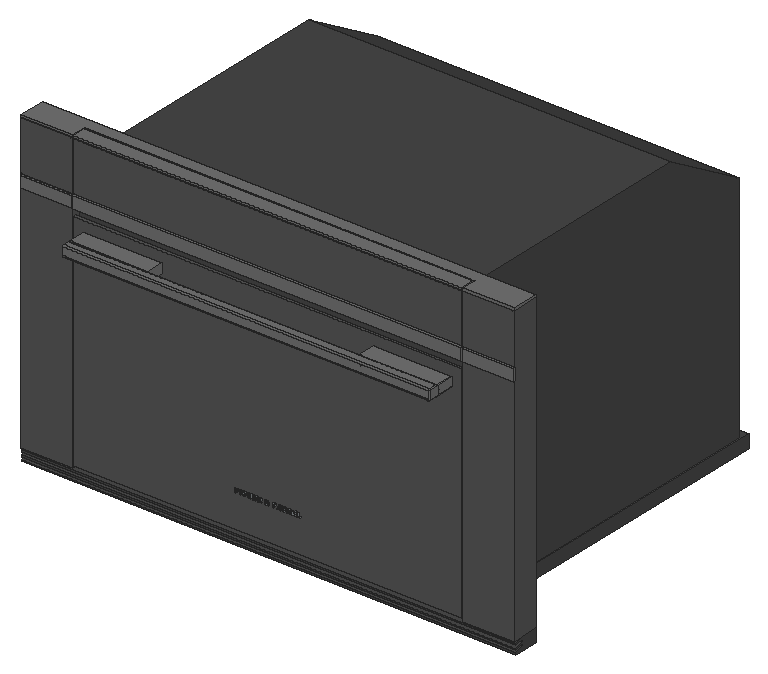
Revit family "FP_Revit_18_OS24NDBB1_w_TK30NDBB1_Steam_Oven_w_30in_Trimkit_90000816A", category Specialty Equipment, Revit 2018
Family settings
  Round Connector Dimension = Use Diameter
  Part Type = Normal
  OmniClass Number = 23.40.40.14.17.31
  OmniClass Title = Small Specialized Cooking Equipment
  Work Plane-Based = No
  Always vertical = Yes
  Cut with Voids When Loaded = Yes
  Shared = No
  Room Calculation Point = No
Parameters (values of type "OS24NDBB1 + TK30NDBB1")
  Visibility - Clearance Required = yes
  URL = "www.fisherpaykel.com"
  Product - Width = 757 mm  # constant formula
  Product - Height = 478 mm  # constant formula
  Product - Depth = 614 mm  # constant formula
  Model = "OS24NDBB1 + TK30NDBB1"
  Material - Trim = Fisher & Paykel - Aluminium, Dark
  Material - Structure = Fisher & Paykel - Black
  Material - Handle = Fisher & Paykel - Aluminium, Dark
  Material - Glass = Fisher & Paykel - Glass, Black
  Material - Body = Fisher & Paykel - Black
  Manufacturer = "Fisher & Paykel Appliances"
  FFL Offset [instance] = 900 mm
  Description = "24\" Steam Oven + 30\" Trimkit"
  Connector Description - Electrical = "208 V or 240 V, 60 Hz, 10.8 or 12.5 A"
  Chassis - Width = 560 mm  # constant formula
  Chassis - Height = 446 mm  # constant formula
  Chassis - Depth = 540 mm  # constant formula
  Cavity - Width = 560 mm  # constant formula
  Cavity - Height = 480 mm  # constant formula
  Cavity - Depth = 560 mm  # constant formula
Reference planes
  plane 1 "Center (Front/Back)": y = 0
  plane 2: z = 0
  plane 3 "Center (Left/Right)": x = 0
  plane 4: z = 1380
  plane 5: z = 1378
  plane 6 "Product LHS": x = -378.5
  plane 7 "Product RHS": x = 378.5
  plane 8 "Product - Depth": y = 0
  plane 9 "Cavity LHS": x = -380
  plane 10 "Cavity RHS": x = 380
  plane 11 "Cavity - Depth": y = 560
  plane 12 "Front Face": y = -41.5
  plane 13 "Chassis - Height": z = 0
  plane 14 "Product Depth": y = 540
  plane 15 "FFL Offset": z = 900
Forms (mm)
  Extrusion 1, void
    sketch origin (0, 0, 0) x (0, 1, 0) y (0, 0, 1)
      loop
        line (-41.5, 1380) -> (-41.5, 900) -> (0, 900) -> (0, 1380) -> (-41.5, 1380)
    from -380 to 380
  Extrusion 2, void
    sketch origin (0, 0, 0) x (0, 1, 0) y (0, 0, 1)
      loop
        line (560, 1370) -> (0, 1370) -> (0, 900) -> (560, 900) -> (560, 1370)
    from -280 to 280
Text (mm)
  text "Due to ongoing product development, product details are subject to change without notice. \nPlease always refer to www.fisherpaykel.com for the most current product information. \n© Fisher & Paykel 2020" at (41.04, -413.295, 0), in view "Ref. Level (Plan)"
Dimensions and locks
  equal spacing: plane 6 "Product LHS", plane 3 "Center (Left/Right)", plane 7 "Product RHS"
  "Product - Width": plane 6 "Product LHS" to plane 7 "Product RHS"
  equal spacing: plane 9 "Cavity LHS", plane 3 "Center (Left/Right)", plane 10 "Cavity RHS"
  locked: plane 9 "Cavity LHS" to plane 10 "Cavity RHS" at 760
  plane 12 "Front Face" to plane 1 "Center (Front/Back)" = 41.5 mm
  "Chassis - Depth": plane 1 "Center (Front/Back)" to plane 14 "Product Depth"
  "FFL Offset": plane 15 "FFL Offset" to level
  "Cavity - Depth": plane 1 "Center (Front/Back)" to plane 11 "Cavity - Depth"
  "Product - Height": plane 5 to plane 15 "FFL Offset"
  "Cavity - Height": plane 4 to plane 15 "FFL Offset"
  "Cavity - Width": Extrusion 2 to Extrusion 2
  aligned and locked: level to plane 2
  aligned and locked: plane 15 "FFL Offset" to nested 2
  aligned and locked: nested 2 to plane 8 "Product - Depth"
  aligned and locked: plane 12 "Front Face" to nested 2
  aligned and locked: plane 12 "Front Face" to Extrusion 1 sketch curve
  aligned and locked: Extrusion 1 sketch curve to plane 8 "Product - Depth"
  aligned and locked: plane 15 "FFL Offset" to Extrusion 1 sketch curve
  aligned and locked: Extrusion 1 sketch curve to plane 4
  aligned and locked: Extrusion 1 to plane 10 "Cavity RHS"
  aligned and locked: plane 9 "Cavity LHS" to Extrusion 1
  aligned and locked: Extrusion 2 sketch curve to plane 8 "Product - Depth"
  aligned and locked: Extrusion 2 sketch curve to plane 15 "FFL Offset"
  aligned and locked: plane 11 "Cavity - Depth" to Extrusion 2 sketch curve
  aligned and locked: Extrusion 2 sketch curve to nested 2
Nested families
  nested 1: "FP_Revit_18_OS24NDBB1_Steam_Oven_90000816A" at (0, -19.5, 20), FFL Offset <- "FFL Offset", type "OS24NDBB1"
    with FFL Offset 900 mm
  nested 2: "FP_Revit_18_TK30ND_Trimkits_90001187A" at (0, 0, 0), FFL Offset <- "FFL Offset", type "TK30NDBB1"
    with FFL Offset 900 mm
Connectors
  electrical at (-193.854, 529.119, 959.454), driven by "Connector Description - Electrical"
    settings: on nested 1, index 1, voltage 120 V, apparent load 0 VA, apparent load phase1 0 VA, apparent load phase2 0 VA, apparent load phase3 0 VA, power factor 1, load classification "Other", number of poles 1, system type 30, power factor state 1, is connector primary yes, connector utility no, sub classification motor no, connector description "208 V or 240 V, 60 Hz, 10.8 or 12.5 A"
Definition of nested family "FP_Revit_18_OS24NDBB1_Steam_Oven_90000816A"
  Parameters (values of type "OM24NDBB1")
    Visibility - Clearance Required = yes
    URL = "www.fisherpaykel.com"
    Product - Width = 596 mm  # constant formula
    Product - Height = 458 mm  # constant formula
    Product - Depth = 562 mm  # constant formula
    Model = "OM24NDBB1"
    Material - Trim = none
    Material - Structure = none
    Material - Handle = none
    Material - Glass = none
    Material - Body = none
    Manufacturer = "Fisher & Paykel Appliances"
    FFL Offset [instance] = 900 mm
    Description = "24\" Microwave Oven"
    Connector Description - Electrical = "120/240 V or 12/208 V, 60 Hz, 13 or 14 A"
    Chassis - Width = 556 mm  # constant formula
    Chassis - Height = 446 mm  # constant formula
    Chassis - Depth = 540 mm  # constant formula
    Cavity - Width = 600 mm  # constant formula
    Cavity - Height = 460 mm  # constant formula
    Cavity - Depth = 560 mm  # constant formula
  Types (4, lengths in mm): name | Model | Description | Connector Description - Electrical
    OS24NDB1 | "OS24NDB1" | "24\" Steam Oven" | "208 V or 240 V, 60 Hz, 10.8 or 12.5 A"
    OM24NDB1 | "OM24NDB1" | "24\" Microwave Oven" | "120/240 V or 12/208 V, 60 Hz, 13 or 14 A"
    OM24NDBB1 | "OM24NDBB1" | "24\" Microwave Oven" | "120/240 V or 12/208 V, 60 Hz, 13 or 14 A"
    OS24NDBB1 | "OS24NDBB1" | "24\" Steam Oven" | "208 V or 240 V, 60 Hz, 10.8 or 12.5 A"
  Reference planes
    plane 1 "Center (Front/Back)": y = 0
    plane 2: z = 0
    plane 3 "Center (Left/Right)": x = 0
    plane 4: z = 1360
    plane 5: z = 1358
    plane 6 "Product LHS": x = -298
    plane 7 "Product RHS": x = 298
    plane 8 "Product - Depth": y = 0
    plane 9 "Cavity LHS": x = -300
    plane 10 "Cavity RHS": x = 300
    plane 11 "Cavity - Depth": y = 560
    plane 12 "Front Face": y = -22
    plane 13 "Chassis - Height": z = 0
    plane 14 "Product Depth": y = 540
    plane 15 "FFL Offset": z = 900
  Forms (mm)
    Extrusion 1, solid, material <- "Material - Body"
      sketch origin (0, 0, 0) x (0, 1, 0) y (0, 0, 1)
        loop
          line (0, 1346) -> (0, 907.28) -> (5.16, 907.28) -> (5.16, 900) -> (534.187, 900) -> (534.187, 1257.991) -> (403.295, 1336.64) -> (24.316, 1336.64) -> (8.71, 1346) -> (0, 1346)
      from -278 to 278
    Extrusion 2, solid, material <- "Material - Structure", detail levels fine
      sketch origin (0, 0, 0) x (0, 1, 0) y (0, 0, 1)
        loop
          line (0, 1353.9) -> (-2, 1353.9) -> (-2, 1355) -> (-18, 1355) -> (-18, 1258) -> (-9.89, 1258) -> (-9.89, 907.28) -> (0, 907.28) -> (0, 1353.9)
      from -298 to 298
    Extrusion 3, solid, material <- "Material - Trim", detail levels fine
      sketch origin (0, 0, 0) x (0, 1, 0) y (0, 0, 1)
        loop
          line (-22, 1358) -> (-22, 1355) -> (-2, 1355) -> (-2, 1358) -> (-22, 1358)
      from -298 to 298
    Extrusion 4, solid, material <- "Material - Glass", detail levels fine
      sketch origin (0, 0, 0) x (0, 1, 0) y (0, 0, 1)
        loop
          line (-18, 1355) -> (-20.262, 1355)
          arc (-20.262, 1355) -> (-21.236, 1354.682) -> (-22, 1354) r 2.5
          line (-22, 1354) -> (-22, 1258) -> (-18, 1258) -> (-18, 1355)
      from -298 to 298
    Extrusion 5, solid, material <- "Material - Glass", detail levels fine
      sketch origin (0, 0, 0) x (0, 1, 0) y (0, 0, 1)
        loop
          line (-22, 1246.53) -> (-22, 904.53) -> (-18, 904.53) -> (-18, 1246.53) -> (-22, 1246.53)
      from -298 to 298
    Extrusion 6, solid, material <- "Material - Structure", detail levels fine
      sketch origin (0, 0, 0) x (0, 1, 0) y (0, 0, 1)
        loop
          line (-18, 1229.33) -> (-18, 907.28) -> (-9.89, 907.28) -> (-9.89, 1229.33) -> (-18, 1229.33)
      from -278 to 278
    Extrusion 7, void
      sketch origin (0, 0, 0) x (1, 0, 0) y (0, 0, 1)
        loop
          line (-158.462, 1052.91) -> (-229.24, 1052.91)
          arc (-229.24, 1052.91) -> (-232.776, 1051.446) -> (-234.24, 1047.91) r 5
          line (-234.24, 1047.91) -> (-234.24, 955.13)
          arc (-234.24, 955.13) -> (-232.776, 951.594) -> (-229.24, 950.13) r 5
          line (-229.24, 950.13) -> (-158.462, 950.13)
          arc (-158.462, 950.13) -> (-154.926, 951.594) -> (-153.462, 955.13) r 5
          line (-153.462, 955.13) -> (-153.462, 1047.91)
          arc (-153.462, 1047.91) -> (-154.926, 1051.446) -> (-158.462, 1052.91) r 5
      from -539.6 to -521.6
    Sweep 8, void
      path in 3D
        loop
          arc (-153.462, 521.6, 955.13) -> (-154.926, 521.6, 951.594) -> (-158.462, 521.6, 950.13) r 5
          line (-158.462, 521.6, 950.13) -> (-229.24, 521.6, 950.13)
          arc (-229.24, 521.6, 950.13) -> (-232.776, 521.6, 951.594) -> (-234.24, 521.6, 955.13) r 5
          line (-234.24, 521.6, 955.13) -> (-234.24, 521.6, 1047.91)
          arc (-234.24, 521.6, 1047.91) -> (-232.776, 521.6, 1051.446) -> (-229.24, 521.6, 1052.91) r 5
          line (-229.24, 521.6, 1052.91) -> (-158.462, 521.6, 1052.91)
          arc (-158.462, 521.6, 1052.91) -> (-154.926, 521.6, 1051.446) -> (-153.462, 521.6, 1047.91) r 5
          line (-153.462, 521.6, 1047.91) -> (-153.462, 521.6, 955.13)
      profile origin (-153.462, 521.6, 1001.52) x (-1, 0, 0) y (0, -1, 0)
        loop
          line (0, 0) -> (-21.3, -12.587) -> (0, -12.587) -> (0, 0)
    Extrusion 9, solid, material <- "Material - Body", detail levels medium+fine
      sketch origin (0, 0, -100) x (1, 0, 0) y (0, 0, 1)
        loop
          line (-175.354, 1115.273) -> (-212.354, 1115.273) -> (-212.354, 1057.273) -> (-175.354, 1057.273) -> (-175.354, 1115.273)
      from -540 to -521.6
    Extrusion 10, solid, material <- "Material - Trim", detail levels fine
      sketch origin (0, 0, 0) x (0, 1, 0) y (0, 0, 1)
        loop
          line (-22, 1258) -> (-22, 1277.8) -> (-22.8, 1277.8) -> (-23.7, 1275.5) -> (-23.7, 1258) -> (-22, 1258)
      from -298 to 298
    Extrusion 11, solid, visible <- "Visibility - Clearance Required", detail levels coarse
      sketch origin (0, 0, 0) x (1, 0, 0) y (0, 1, 0)
        loop
          line (-280, 0) -> (280, 0) -> (280, 548.619) -> (-280, 548.619) -> (-280, 0)
      from 900 to 1360
    Extrusion 12, solid, visible <- "Visibility - Clearance Required", detail levels coarse
      sketch origin (0, 0, 0) x (0, 1, 0) y (0, 0, 1)
        loop
          arc (-22, 1246.53) -> (-241.159, 1161.206) -> (-341.563, 948.532) r 317.644
          line (-341.563, 948.532) -> (-326.406, 946.445) -> (-332.106, 905.048) -> (-316.871, 902.951) -> (-311.171, 944.347) -> (-22, 904.53) -> (-22, 900) -> (0, 900) -> (0, 1360) -> (-22, 1360) -> (-22, 1246.53)
      from -300 to 300
    Sweep 13, solid, material <- "Material - Body", detail levels fine
      path origin (0, 0, -100) x (0, 1, 0) y (0, 0, 1)
        loop
          arc (530.8, 1057.273) -> (536.019, 1044.673) -> (548.619, 1039.454) r 17.819
      profile origin (0, 536.019, 944.673) x (0, 0.707107, 0.707107) y (1, 0, 0)
        loop
          circle (0, -193.854) r 5
    Extrusion 14, solid, material <- "Material - Glass", detail levels coarse+medium
      sketch origin (0, 0, 0) x (0, 1, 0) y (0, 0, 1)
        loop
          line (-22, 1358) -> (-22, 1258) -> (-9.89, 1258) -> (-9.89, 1229.33) -> (-18, 1229.33) -> (-18, 1246.53) -> (-22, 1246.53) -> (-22, 904.53) -> (-18, 904.53) -> (-18, 907.28) -> (0, 907.28) -> (0, 1353.9) -> (-2, 1353.9) -> (-2, 1358) -> (-22, 1358)
      from -298 to 298
    Extrusion 15, solid, material <- "Material - Body", not visible, detail levels medium+fine
      sketch origin (0, 0, 0) x (1, 0, 0) y (0, 0, 1)
        loop
          line (-175.354, 1115.273) -> (-212.354, 1115.273) -> (-212.354, 1057.273) -> (-175.354, 1057.273) -> (-175.354, 1115.273)
      from -540 to -521.6
    Sweep 16, solid, material <- "Material - Body", not visible, detail levels fine
      path origin (0, 0, 0) x (0, 1, 0) y (0, 0, 1)
        loop
          arc (530.8, 1057.273) -> (536.019, 1044.673) -> (548.619, 1039.454) r 17.819
      profile origin (0, 536.019, 1044.673) x (0, 0.707107, 0.707107) y (1, 0, 0)
        loop
          circle (0, -193.854) r 5
    Extrusion 17, void
      sketch origin (0, 0, 0) x (1, 0, 0) y (0, 1, 0)
        loop
          line (-280, 0) -> (280, 0) -> (280, 548.619) -> (-280, 548.619) -> (-280, 0)
      from 900 to 1360
    Extrusion 18, solid, visible <- "Visibility - Clearance Required", detail levels coarse
      sketch origin (0, 0, 0) x (0, 1, 0) y (0, 0, 1)
        loop
          arc (-22, 1246.53) -> (-241.159, 1161.206) -> (-341.563, 948.532) r 317.644
          line (-341.563, 948.532) -> (-326.406, 946.445) -> (-332.106, 905.048) -> (-316.871, 902.951) -> (-311.171, 944.347) -> (-22, 904.53) -> (-22, 900) -> (0, 900) -> (0, 1360) -> (-22, 1360) -> (-22, 1246.53)
      from -300 to 300
    Extrusion 19, void
      sketch origin (0, 0, 0) x (0, 1, 0) y (0, 0, 1)
        loop
          line (-22, 1360) -> (-22, 900) -> (0, 900) -> (0, 1360) -> (-22, 1360)
      from -300 to 300
  Cuts and joins
    Extrusion 7, Sweep 8 cuts Extrusion 1
    Extrusion 7 cuts Extrusion 2
    Extrusion 7 cuts Extrusion 5
    Extrusion 7 cuts Extrusion 6
  Lines and regions (mm)
    sketch lines
      curve 1: line (-153.462, 521.6, 1047.91) -> (-153.462, 521.6, 955.13)
      curve 2: arc (-153.462, 521.6, 1047.91) -> (-154.926, 521.6, 1051.446) -> (-158.462, 521.6, 1052.91) r 5
      curve 3: line (-229.24, 521.6, 1052.91) -> (-158.462, 521.6, 1052.91)
      curve 4: arc (-229.24, 521.6, 1052.91) -> (-232.776, 521.6, 1051.446) -> (-234.24, 521.6, 1047.91) r 5
      curve 5: line (-234.24, 521.6, 955.13) -> (-234.24, 521.6, 1047.91)
      curve 6: arc (-234.24, 521.6, 955.13) -> (-232.776, 521.6, 951.594) -> (-229.24, 521.6, 950.13) r 5
      curve 7: arc (-158.462, 521.6, 950.13) -> (-154.926, 521.6, 951.594) -> (-153.462, 521.6, 955.13) r 5
      curve 8: line (-158.462, 521.6, 950.13) -> (-229.24, 521.6, 950.13)
  Text (mm)
    text "Due to ongoing product development, product details are subject to change without notice. \nPlease always refer to www.fisherpaykel.com for the most current product information. \n© Fisher & Paykel 2020" at (41.04, -413.295, 0), in view "Ref. Level (Plan)"
  Dimensions and locks
    equal spacing: plane 6 "Product LHS", plane 3 "Center (Left/Right)", plane 7 "Product RHS"
    "Product - Width": plane 6 "Product LHS" to plane 7 "Product RHS"
    equal spacing: plane 9 "Cavity LHS", plane 3 "Center (Left/Right)", plane 10 "Cavity RHS"
    "Cavity - Width": plane 9 "Cavity LHS" to plane 10 "Cavity RHS"
    "Cavity - Depth": plane 11 "Cavity - Depth" to plane 1 "Center (Front/Back)"
    locked: plane 12 "Front Face" to plane 1 "Center (Front/Back)" at 22
    "Chassis - Depth": plane 1 "Center (Front/Back)" to plane 14 "Product Depth"
    Extrusion 1 sketch curve to plane 14 "Product Depth" = 5.813 mm
    equal spacing: cut or joined group of Extrusion 1, Extrusion 7, Sweep 8, plane 3 "Center (Left/Right)", cut or joined group of Extrusion 1, Extrusion 7, Sweep 8
    "Chassis - Width": cut or joined group of Extrusion 1, Extrusion 7, Sweep 8 to cut or joined group of Extrusion 1, Extrusion 7, Sweep 8
    "FFL Offset": plane 15 "FFL Offset" to level
    locked: nested 2 to plane 15 "FFL Offset" at 61.04
    locked: cut or joined group of Extrusion 1, Extrusion 7, Sweep 8 to plane 15 "FFL Offset" at 7.28
    locked: Extrusion 14 to plane 15 "FFL Offset" at 4.53
    locked: cut or joined group of Extrusion 1, Extrusion 7, Sweep 8 to plane 15 "FFL Offset" at 436.64
    "Chassis - Height": cut or joined group of Extrusion 1, Extrusion 7, Sweep 8 to plane 15 "FFL Offset"
    Extrusion 11 to plane 15 "FFL Offset" = 460 mm
    locked: plane 15 "FFL Offset" to Extrusion 9 at 57.273
    locked: plane 15 "FFL Offset" to cut or joined group of Extrusion 1, Extrusion 7, Sweep 8 at 50.13
    "Product - Height": plane 5 to plane 15 "FFL Offset"
    "Cavity - Height": plane 4 to plane 15 "FFL Offset"
    locked: nested 1 to plane 15 "FFL Offset" at 330.978
    locked: plane 5 to Extrusion 14 at 100
    locked: plane 5 to Extrusion 14 at 111.47
    locked: Extrusion 12 sketch curve to plane 15 "FFL Offset" at 4.53
    locked: plane 15 "FFL Offset" to Extrusion 7 sketch curve at 152.91
    locked: plane 15 "FFL Offset" to Extrusion 7 sketch curve at 50.13
    aligned and locked: level to plane 2
    aligned and locked: Extrusion 3 sketch curve to plane 5
    aligned and locked: plane 6 "Product LHS" to Extrusion 5
    aligned and locked: Extrusion 5 to plane 7 "Product RHS"
    aligned and locked: Extrusion 4 to plane 7 "Product RHS"
    aligned and locked: plane 6 "Product LHS" to Extrusion 4
    aligned and locked: plane 6 "Product LHS" to Extrusion 3
    aligned and locked: Extrusion 3 to plane 7 "Product RHS"
    aligned and locked: plane 6 "Product LHS" to Extrusion 2
    aligned and locked: Extrusion 2 to plane 7 "Product RHS"
    aligned and locked: plane 14 "Product Depth" to Extrusion 9
    aligned and locked: cut or joined group of Extrusion 1, Extrusion 7, Sweep 8 to Extrusion 9
    aligned and locked: Extrusion 10 to plane 7 "Product RHS"
    aligned and locked: plane 6 "Product LHS" to Extrusion 10
    aligned and locked: Extrusion 14 to plane 7 "Product RHS"
    aligned and locked: plane 6 "Product LHS" to Extrusion 14
    aligned and locked: Extrusion 1 to plane 15 "FFL Offset"
    aligned and locked: Extrusion 11 to cut or joined group of Extrusion 1, Extrusion 7, Sweep 8
    aligned and locked: Extrusion 14 to cut or joined group of Extrusion 1, Extrusion 7, Sweep 8
    aligned and locked: Extrusion 2 to cut or joined group of Extrusion 1, Extrusion 7, Sweep 8
    aligned and locked: Extrusion 6 to cut or joined group of Extrusion 1, Extrusion 7, Sweep 8
    aligned and locked: plane 5 to Extrusion 3
    aligned and locked: plane 5 to Extrusion 14
    aligned and locked: Extrusion 10 to Extrusion 4
    aligned and locked: Extrusion 14 to Extrusion 4
    aligned and locked: Extrusion 4 to cut or joined group of Extrusion 2, Extrusion 7
    aligned and locked: Extrusion 5 to Extrusion 14  (x2)
    aligned and locked: plane 4 to Extrusion 11
    aligned and locked: Extrusion 11 to Sweep 13
    aligned and locked: Extrusion 12 sketch curve to plane 15 "FFL Offset"
    aligned and locked: Extrusion 12 sketch curve to plane 4
    aligned and locked: plane 4 to Extrusion 17
    aligned and locked: Extrusion 17 to cut or joined group of Extrusion 1, Extrusion 7, Sweep 8
    aligned and locked: plane 15 "FFL Offset" to Extrusion 19 sketch curve
    aligned and locked: Extrusion 19 sketch curve to plane 4
  Automatic sketch dimensions
    Extrusion 9 sketch curve to Extrusion 9 sketch curve = 37 mm
    Extrusion 9 sketch curve to Extrusion 9 sketch curve = 58 mm
    Sweep 13 sketch curve to profile plane = 0 mm
    Sweep 13 sketch curve to Sweep 13 sketch curve = 17.819 mm
    Sweep 13 sketch curve to profile plane = 193.854 mm
    Extrusion 15 sketch curve to Extrusion 15 sketch curve = 37 mm
    Extrusion 15 sketch curve to Extrusion 15 sketch curve = 58 mm
    Sweep 16 sketch curve to profile plane = 0 mm
    Sweep 16 sketch curve to Sweep 16 sketch curve = 17.819 mm
    Sweep 16 sketch curve to profile plane = 193.854 mm
    Extrusion 1 sketch curve to plane 1 "Center (Front/Back)" = 0 mm
    Extrusion 1 sketch curve to plane 15 "FFL Offset" = 0 mm
    Extrusion 1 sketch curve to plane 1 "Center (Front/Back)" = 5.16 mm
    Extrusion 1 sketch curve to Extrusion 1 sketch curve = 8.71 mm
    Extrusion 1 sketch curve to Extrusion 1 sketch curve = 15.606 mm
    Extrusion 1 sketch curve to plane 5 = 21.36 mm
    Extrusion 1 sketch curve to plane 14 "Product Depth" = 136.705 mm
    Extrusion 1 sketch curve to Extrusion 1 sketch curve = 7.28 mm
    Extrusion 1 sketch curve to plane 5 = 100.009 mm
    Extrusion 1 sketch curve to plane 5 = 12 mm
    Extrusion 2 sketch curve to plane 1 "Center (Front/Back)" = 0 mm
    plane 1 "Center (Front/Back)" to Extrusion 2 sketch curve = 2 mm
    plane 1 "Center (Front/Back)" to Extrusion 2 sketch curve = 9.89 mm
    plane 12 "Front Face" to Extrusion 2 sketch curve = 4 mm
    plane 15 "FFL Offset" to Extrusion 2 sketch curve = 7.28 mm
    Extrusion 2 sketch curve to plane 5 = 100 mm
    Extrusion 2 sketch curve to plane 5 = 4.1 mm
    Extrusion 2 sketch curve to Extrusion 2 sketch curve = 1.1 mm
    Extrusion 3 sketch curve to plane 12 "Front Face" = 0 mm
    plane 1 "Center (Front/Back)" to Extrusion 3 sketch curve = 2 mm
    Extrusion 3 sketch curve to plane 5 = 3 mm
    Extrusion 4 sketch curve to plane 12 "Front Face" = 0 mm
    plane 12 "Front Face" to Extrusion 4 sketch curve = 1.738 mm
    plane 12 "Front Face" to Extrusion 4 sketch curve = 2.011 mm
    plane 12 "Front Face" to Extrusion 4 sketch curve = 4 mm
    Extrusion 4 sketch curve to plane 5 = 100 mm
    Extrusion 4 sketch curve to plane 5 = 5.485 mm
    Extrusion 4 sketch curve to Extrusion 4 sketch curve = 1.485 mm
    Extrusion 5 sketch curve to plane 12 "Front Face" = 0 mm
    plane 12 "Front Face" to Extrusion 5 sketch curve = 4 mm
    plane 15 "FFL Offset" to Extrusion 5 sketch curve = 4.53 mm
    Extrusion 5 sketch curve to plane 5 = 111.47 mm
    plane 12 "Front Face" to Extrusion 6 sketch curve = 4 mm
    Extrusion 6 sketch curve to Extrusion 6 sketch curve = 8.11 mm
    plane 15 "FFL Offset" to Extrusion 6 sketch curve = 7.28 mm
    Extrusion 6 sketch curve to plane 5 = 128.67 mm
    Extrusion 7 sketch curve to plane 6 "Product LHS" = 63.76 mm
    Extrusion 7 sketch curve to Extrusion 7 sketch curve = 5 mm  (x3)
    Extrusion 7 sketch curve to Extrusion 7 sketch curve = 70.778 mm  (x2)
    Sweep 8 sketch curve to profile plane = 0 mm  (x2)
    Sweep 8 sketch curve to profile plane = 21.3 mm
    profile plane to Sweep 8 sketch curve = 12.587 mm
    Extrusion 10 sketch curve to plane 12 "Front Face" = 0 mm
    Extrusion 10 sketch curve to Extrusion 10 sketch curve = 0.8 mm
    Extrusion 10 sketch curve to plane 12 "Front Face" = 1.7 mm
    Extrusion 10 sketch curve to plane 5 = 100 mm
    Extrusion 10 sketch curve to Extrusion 10 sketch curve = 17.5 mm
    Extrusion 10 sketch curve to Extrusion 10 sketch curve = 2.3 mm
    plane 1 "Center (Front/Back)" to Extrusion 11 sketch curve = 0 mm
    plane 14 "Product Depth" to Extrusion 11 sketch curve = 8.619 mm
    Extrusion 11 sketch curve to plane 6 "Product LHS" = 18 mm
    plane 7 "Product RHS" to Extrusion 11 sketch curve = 18 mm
    Extrusion 12 sketch curve to plane 12 "Front Face" = 0 mm  (x2)
    Extrusion 12 sketch curve to plane 1 "Center (Front/Back)" = 0 mm
    Extrusion 12 sketch curve to plane 12 "Front Face" = 2.526 mm
    plane 15 "FFL Offset" to Extrusion 12 sketch curve = 44.347 mm
    Extrusion 12 sketch curve to Extrusion 12 sketch curve = 286.644 mm
    plane 15 "FFL Offset" to Extrusion 12 sketch curve = 2.951 mm
    plane 15 "FFL Offset" to Extrusion 12 sketch curve = 46.445 mm
    Extrusion 12 sketch curve to Extrusion 12 sketch curve = 15.235 mm
    plane 15 "FFL Offset" to Extrusion 12 sketch curve = 48.532 mm
    Extrusion 12 sketch curve to Extrusion 12 sketch curve = 24.366 mm
    Extrusion 14 sketch curve to plane 5 = 0 mm
    Extrusion 14 sketch curve to plane 12 "Front Face" = 0 mm  (x2)
    Extrusion 14 sketch curve to plane 1 "Center (Front/Back)" = 0 mm
    plane 12 "Front Face" to Extrusion 14 sketch curve = 4 mm  (x2)
    plane 1 "Center (Front/Back)" to Extrusion 14 sketch curve = 9.89 mm
    plane 1 "Center (Front/Back)" to Extrusion 14 sketch curve = 2 mm
    Extrusion 14 sketch curve to plane 5 = 4.1 mm
    Extrusion 14 sketch curve to Extrusion 14 sketch curve = 95.9 mm
    Extrusion 14 sketch curve to Extrusion 14 sketch curve = 11.47 mm
    Extrusion 14 sketch curve to Extrusion 14 sketch curve = 17.2 mm
    plane 15 "FFL Offset" to Extrusion 14 sketch curve = 7.28 mm
    Extrusion 14 sketch curve to Extrusion 14 sketch curve = 2.75 mm
    plane 1 "Center (Front/Back)" to Extrusion 17 sketch curve = 0 mm
    plane 14 "Product Depth" to Extrusion 17 sketch curve = 8.619 mm
    Extrusion 17 sketch curve to plane 6 "Product LHS" = 18 mm
    plane 7 "Product RHS" to Extrusion 17 sketch curve = 18 mm
    Extrusion 18 sketch curve to plane 12 "Front Face" = 0 mm  (x2)
    Extrusion 18 sketch curve to plane 1 "Center (Front/Back)" = 0 mm
    Extrusion 18 sketch curve to plane 15 "FFL Offset" = 0 mm
    Extrusion 18 sketch curve to plane 4 = 0 mm
    Extrusion 18 sketch curve to plane 12 "Front Face" = 2.526 mm
    plane 15 "FFL Offset" to Extrusion 18 sketch curve = 44.347 mm
    Extrusion 18 sketch curve to Extrusion 18 sketch curve = 286.644 mm
    plane 15 "FFL Offset" to Extrusion 18 sketch curve = 2.951 mm
    Extrusion 18 sketch curve to Extrusion 18 sketch curve = 5.7 mm
    plane 15 "FFL Offset" to Extrusion 18 sketch curve = 46.445 mm
    Extrusion 18 sketch curve to Extrusion 18 sketch curve = 15.235 mm
    plane 15 "FFL Offset" to Extrusion 18 sketch curve = 48.532 mm
    Extrusion 18 sketch curve to Extrusion 18 sketch curve = 24.366 mm
    Extrusion 19 sketch curve to plane 12 "Front Face" = 0 mm
    Extrusion 19 sketch curve to plane 1 "Center (Front/Back)" = 0 mm
    radius of Sweep 13 sketch curve = 5 mm
    radius of Sweep 16 sketch curve = 5 mm
  Nested families
    nested 1: "F&P Handle Contemporary Square OB60-24" at (0, -22, 1223), type "Aluminium"
    nested 2: "F&P Logo 100mm" at (0, -22, 955), type "F&P Logo 100mm"
  Connectors
    electrical at (-193.854, 548.619, 939.454), driven by "Connector Description - Electrical"
      settings: on Sweep 13, index 1, voltage 120 V, apparent load 0 VA, apparent load phase1 0 VA, apparent load phase2 0 VA, apparent load phase3 0 VA, power factor 1, load classification none, number of poles 1, system type 30, power factor state 1, is connector primary yes, connector utility no, sub classification motor no, connector description "120/240 V or 12/208 V, 60 Hz, 13 or 14 A"
  Definition of nested family "F&P Handle Contemporary Square OB60-24"
    Parameters (values of type "Aluminium Dark")
      URL = "www.fisherpaykel.com"
      Material - Handle = none
      Manufacturer = "Fisher & Paykel Appliances"
      Handle - Length = 565 mm
    Types (2): name
      Aluminium
      Aluminium Dark
    Reference planes
      plane 1 "Center (Front/Back)": y = 0
      plane 2: z = 0
      plane 3 "Center (Left/Right)": x = 0
      plane 4 "Product LHS": x = -282.5
      plane 5 "Product RHS": x = 282.5
      plane 6 "LHS Standoff": x = -162.495
      plane 7 "RHS Standoff": x = 162.505
    Forms (mm)
      Extrusion 1, solid, material <- "Material - Handle", detail levels fine
        sketch origin (0, 0, 0) x (0, 1, 0) y (0, 0, 1)
          loop
            arc (-28.701, 7.561) -> (-29.057, 7.868) -> (-29.514, 7.978) r 1
            line (-29.514, 7.978) -> (-40.5, 7.978)
            arc (-40.5, 7.978) -> (-41.561, 7.539) -> (-42, 6.478) r 1.5
            line (-42, 6.478) -> (-42, -6.522)
            arc (-42, -6.522) -> (-41.561, -7.583) -> (-40.5, -8.022) r 1.5
            line (-40.5, -8.022) -> (-29.487, -8.022)
            arc (-29.487, -8.022) -> (-29.029, -7.911) -> (-28.673, -7.602) r 1
            arc (-28.673, -7.602) -> (-26.256, -0.016) -> (-28.701, 7.561) r 13.038
        from -282.5 to 282.5
      Extrusion 2, solid, material <- "Material - Handle", detail levels fine
        sketch origin (0, 0, 0) x (0, 1, 0) y (0, 0, 1)
          loop
            arc (-28.23, 7.062) -> (-26.156, 0.008) -> (-28.198, -7.056) r 13.136
            arc (-28.198, -7.056) -> (-28.21, -7.463) -> (-27.86, -7.67) r 0.4
            line (-27.86, -7.67) -> (0, -7.67) -> (0, 7.678) -> (-27.893, 7.678)
            arc (-27.893, 7.678) -> (-28.244, 7.47) -> (-28.23, 7.062) r 0.4
        from 162.505 to 282.5
      Extrusion 3, solid, material <- "Material - Handle", detail levels fine
        sketch origin (0, 0, 0) x (0, 1, 0) y (0, 0, -1)
          loop
            arc (-28.23, -7.062) -> (-28.244, -7.47) -> (-27.893, -7.678) r 0.4
            line (-27.893, -7.678) -> (0, -7.678) -> (0, 7.67) -> (-27.86, 7.67)
            arc (-27.86, 7.67) -> (-28.21, 7.463) -> (-28.198, 7.056) r 0.4
            arc (-28.198, 7.056) -> (-26.156, -0.008) -> (-28.23, -7.062) r 13.136
        from 162.495 to 282.5
      Sweep 4, void
        path in 3D
          loop
            line (282.5, -29.514, 7.978) -> (282.5, -40.5, 7.978)
            arc (282.5, -40.5, 7.978) -> (282.5, -41.561, 7.539) -> (282.5, -42, 6.478) r 1.5
            line (282.5, -42, 6.478) -> (282.5, -42, -6.522)
            arc (282.5, -42, -6.522) -> (282.5, -41.561, -7.583) -> (282.5, -40.5, -8.022) r 1.5
            line (282.5, -40.5, -8.022) -> (282.5, -29.487, -8.022)
        profile origin (282.5, -35.007, 7.978) x (1, 0, 0) y (0, 0, 1)
          loop
            line (0, 0) -> (-1.3, 0) -> (0, -1.3) -> (0, 0)
      Sweep 5, void
        path in 3D
          loop
            line (-282.5, -29.487, -8.022) -> (-282.5, -40.5, -8.022)
            arc (-282.5, -40.5, -8.022) -> (-282.5, -41.561, -7.583) -> (-282.5, -42, -6.522) r 1.5
            line (-282.5, -42, -6.522) -> (-282.5, -42, 6.478)
            arc (-282.5, -42, 6.478) -> (-282.5, -41.561, 7.539) -> (-282.5, -40.5, 7.978) r 1.5
            line (-282.5, -40.5, 7.978) -> (-282.5, -29.514, 7.978)
        profile origin (-282.5, -35.007, 7.978) x (-1, 0, 0) y (0, 0, 1)
          loop
            line (0, 0) -> (-1.3, 0) -> (0, -1.3) -> (0, 0)
      Extrusion 6, void
        sketch origin (0, 0, 0) x (1, 0, 0) y (0, 0, 1)
          loop
            line (282.5, 7.978) -> (281.2, 7.978) -> (282.5, 6.678) -> (282.5, 7.978)
          loop
            line (282.5, -8.022) -> (282.5, -6.722) -> (281.2, -8.022) -> (282.5, -8.022)
        from 0 to 40
      Extrusion 7, void
        sketch origin (0, 0, 0) x (1, 0, 0) y (0, 0, 1)
          loop
            line (-282.5, 7.978) -> (-282.5, 6.678) -> (-281.2, 7.978) -> (-282.5, 7.978)
          loop
            line (-282.5, -8.022) -> (-281.2, -8.022) -> (-282.5, -6.722) -> (-282.5, -8.022)
        from 0 to 40
      Extrusion 8, solid, material <- "Material - Handle", detail levels coarse+medium
        sketch origin (0, 0, 0) x (1, 0, 0) y (0, 1, 0)
          loop
            line (-282.5, -42) -> (282.5, -42) -> (282.5, 0) -> (162.505, 0) -> (162.505, -26.156) -> (-162.495, -26.156) -> (-162.495, 0) -> (-282.5, 0) -> (-282.5, -42)
        from -8.022 to 7.978
    Cuts and joins
      Sweep 4, Sweep 5, Extrusion 6, Extrusion 7 cuts Extrusion 1
      Extrusion 6 cuts Extrusion 2
      Extrusion 7 cuts Extrusion 3
    Lines and regions (mm)
      sketch lines
        curve 1: line (282.5, -29.514, 7.978) -> (282.5, -40.5, 7.978)
        curve 2: arc (282.5, -42, 6.478) -> (282.5, -41.561, 7.539) -> (282.5, -40.5, 7.978) r 1.5
        curve 3: line (282.5, -42, 6.478) -> (282.5, -42, -6.522)
        curve 4: arc (282.5, -40.5, -8.022) -> (282.5, -41.561, -7.583) -> (282.5, -42, -6.522) r 1.5
        curve 5: line (282.5, -40.5, -8.022) -> (282.5, -29.487, -8.022)
        curve 6: line (-282.5, -40.5, 7.978) -> (-282.5, -29.514, 7.978)
        curve 7: arc (-282.5, -40.5, 7.978) -> (-282.5, -41.561, 7.539) -> (-282.5, -42, 6.478) r 1.5
        curve 8: line (-282.5, -42, -6.522) -> (-282.5, -42, 6.478)
        curve 9: arc (-282.5, -42, -6.522) -> (-282.5, -41.561, -7.583) -> (-282.5, -40.5, -8.022) r 1.5
        curve 10: line (-282.5, -29.487, -8.022) -> (-282.5, -40.5, -8.022)
    Dimensions and locks
      equal spacing: plane 4 "Product LHS", plane 3 "Center (Left/Right)", plane 5 "Product RHS"
      "Handle - Length": plane 4 "Product LHS" to plane 5 "Product RHS"
      locked: plane 4 "Product LHS" to plane 6 "LHS Standoff" at 120.005
      locked: plane 7 "RHS Standoff" to plane 5 "Product RHS" at 119.995
      aligned and locked: level to plane 2
      aligned and locked: Extrusion 1 to plane 5 "Product RHS"
      aligned and locked: plane 4 "Product LHS" to Extrusion 1
      aligned and locked: Extrusion 2 to plane 5 "Product RHS"
      aligned and locked: plane 4 "Product LHS" to Extrusion 3
      aligned and locked: plane 4 "Product LHS" to Extrusion 8 sketch curve
      aligned and locked: Extrusion 8 sketch curve to plane 5 "Product RHS"
      aligned and locked: Extrusion 8 sketch curve to plane 7 "RHS Standoff"
      aligned and locked: plane 6 "LHS Standoff" to Extrusion 8 sketch curve
      aligned and locked: Extrusion 2 to plane 7 "RHS Standoff"
      aligned and locked: plane 6 "LHS Standoff" to Extrusion 3
    Automatic sketch dimensions
      Extrusion 1 sketch curve to level = 6.522 mm
      plane 1 "Center (Front/Back)" to Extrusion 1 sketch curve = 42 mm
      Extrusion 1 sketch curve to Extrusion 1 sketch curve = 1.5 mm  (x2)
      Extrusion 1 sketch curve to level = 0.04 mm
      Extrusion 1 sketch curve to Extrusion 1 sketch curve = 1.206 mm
      level to Extrusion 1 sketch curve = 6.978 mm
      Extrusion 1 sketch curve to Extrusion 1 sketch curve = 10.986 mm
      Extrusion 1 sketch curve to Extrusion 1 sketch curve = 11.013 mm
      Extrusion 1 sketch curve to Extrusion 1 sketch curve = 1 mm
      level to Extrusion 1 sketch curve = 6.478 mm
      Extrusion 1 sketch curve to Extrusion 1 sketch curve = 0 mm
      Extrusion 2 sketch curve to plane 1 "Center (Front/Back)" = 0 mm
      Extrusion 2 sketch curve to level = 7.67 mm
      Extrusion 2 sketch curve to Extrusion 2 sketch curve = 27.86 mm
      level to Extrusion 2 sketch curve = 7.678 mm
      Extrusion 2 sketch curve to Extrusion 2 sketch curve = 0.033 mm
      Extrusion 2 sketch curve to level = 0.022 mm
      Extrusion 2 sketch curve to Extrusion 2 sketch curve = 11.398 mm
      Extrusion 2 sketch curve to Extrusion 2 sketch curve = 0.4 mm  (x2)
      Extrusion 2 sketch curve to Extrusion 2 sketch curve = 0 mm
      Extrusion 3 sketch curve to plane 1 "Center (Front/Back)" = 0 mm
      Extrusion 3 sketch curve to level = 7.67 mm
      Extrusion 3 sketch curve to Extrusion 3 sketch curve = 27.86 mm
      level to Extrusion 3 sketch curve = 7.678 mm
      Extrusion 3 sketch curve to Extrusion 3 sketch curve = 0.033 mm
      Extrusion 3 sketch curve to level = 0.022 mm
      Extrusion 3 sketch curve to Extrusion 3 sketch curve = 11.398 mm
      Extrusion 3 sketch curve to Extrusion 3 sketch curve = 0.4 mm  (x2)
      Extrusion 3 sketch curve to Extrusion 3 sketch curve = 0 mm
      profile plane to Sweep 4 sketch curve = 0 mm
      Sweep 4 sketch curve to profile plane = 0 mm
      Sweep 4 sketch curve to profile plane = 1.3 mm
      profile plane to Sweep 4 sketch curve = 1.3 mm
      Sweep 5 sketch curve to profile plane = 0 mm  (x2)
      profile plane to Sweep 5 sketch curve = 1.3 mm
      Sweep 5 sketch curve to profile plane = 1.3 mm
      plane 5 "Product RHS" to Extrusion 6 sketch curve = 0 mm  (x2)
      Extrusion 6 sketch curve to Extrusion 6 sketch curve = 1.3 mm  (x4)
      Extrusion 6 sketch curve to level = 6.722 mm
      level to Extrusion 6 sketch curve = 6.678 mm
      plane 4 "Product LHS" to Extrusion 7 sketch curve = 0 mm  (x2)
      Extrusion 7 sketch curve to plane 4 "Product LHS" = 1.3 mm  (x2)
      Extrusion 7 sketch curve to level = 8.022 mm
      level to Extrusion 7 sketch curve = 6.678 mm
      Extrusion 7 sketch curve to Extrusion 7 sketch curve = 1.3 mm  (x2)
      plane 1 "Center (Front/Back)" to Extrusion 8 sketch curve = 0 mm  (x2)
      Extrusion 8 sketch curve to Extrusion 8 sketch curve = 26.156 mm
      Extrusion 8 sketch curve to Extrusion 8 sketch curve = 42 mm
  Definition of nested family "F&P Logo 100mm"
    Parameters (values of type "F&P Logo 100mm")
      URL = "www.fisherpaykel.com"
      Material - Logo = none
      Manufacturer = "Fisher & Paykel Appliances"
    Reference planes
      plane 1 "Center (Front/Back)": y = 0
      plane 2: z = 0
      plane 3 "Center (Left/Right)": x = 0
    Forms (mm)
      Extrusion 1, solid, material <- "Material - Logo", detail levels fine
        sketch origin (0, 0, 0) x (1, 0, 0) y (0, 0, 1)
          loop
            line (-50.044, 0) -> (-48.47, 0) -> (-48.47, 2.138) -> (-46.011, 2.138) -> (-46.011, 3.472) -> (-48.47, 3.472) -> (-48.47, 4.712) -> (-45.795, 4.712) -> (-45.795, 6.04) -> (-50.044, 6.04) -> (-50.044, 0)
          loop
            line (-42.804, 6.04) -> (-42.804, 0) -> (-41.23, 0) -> (-41.23, 6.04) -> (-42.804, 6.04)
          loop
            line (-30.724, 6.04) -> (-30.724, 0) -> (-29.151, 0) -> (-29.151, 2.42) -> (-26.839, 2.42) -> (-26.839, 0) -> (-25.265, 0) -> (-25.265, 6.04) -> (-26.839, 6.04) -> (-26.839, 3.748) -> (-29.151, 3.748) -> (-29.151, 6.04) -> (-30.724, 6.04)
          loop
            line (-21.906, 6.04) -> (-21.906, 0) -> (-17.602, 0) -> (-17.602, 1.328) -> (-20.347, 1.328) -> (-20.347, 2.42) -> (-17.838, 2.42) -> (-17.838, 3.748) -> (-20.347, 3.748) -> (-20.347, 4.712) -> (-17.602, 4.712) -> (-17.602, 6.04) -> (-21.906, 6.04)
          loop
            line (45.667, 6.04) -> (45.667, 0) -> (49.956, 0) -> (49.956, 1.328) -> (47.241, 1.328) -> (47.241, 6.04) -> (45.667, 6.04)
          loop
            line (42.431, 6.04) -> (38.112, 6.04) -> (38.112, 0) -> (42.431, 0) -> (42.431, 1.328) -> (39.687, 1.328) -> (39.687, 2.42) -> (42.195, 2.42) -> (42.195, 3.748) -> (39.687, 3.748) -> (39.687, 4.712) -> (42.431, 4.712) -> (42.431, 6.04)
          loop
            line (33.451, 3.148) -> (35.683, 6.04) -> (33.844, 6.04) -> (31.915, 3.542) -> (31.915, 6.04) -> (30.342, 6.04) -> (30.342, 0) -> (31.915, 0) -> (31.915, 2.705) -> (33.903, 0) -> (35.763, 0) -> (33.451, 3.148)
          loop
            line (21.98, 6.04) -> (24.262, 2.42) -> (24.262, 0) -> (25.837, 0) -> (25.837, 2.341) -> (28.119, 6.04) -> (26.446, 6.04) -> (25.099, 3.707) -> (23.753, 6.04) -> (21.98, 6.04)
          loop
            line (18.479, 6.04) -> (16.983, 6.04) -> (14.524, 0) -> (16.069, 0) -> (16.501, 1.112) -> (18.921, 1.112) -> (19.354, 0) -> (20.938, 0) -> (18.479, 6.04)
          loop
            line (18.4, 2.439) -> (17.693, 4.174) -> (17.018, 2.439) -> (18.4, 2.439)
          loop
            line (8.031, 6.04) -> (8.031, 0) -> (9.605, 0) -> (9.605, 1.938) -> (10.599, 1.938)
            arc (10.599, 1.938) -> (12.65, 3.989) -> (10.599, 6.04) r 2.051
            line (10.599, 6.04) -> (8.031, 6.04)
          loop
            line (9.605, 4.712) -> (9.605, 3.197) -> (10.501, 3.197)
            arc (10.501, 3.197) -> (11.259, 3.954) -> (10.501, 4.712) r 0.757
            line (10.501, 4.712) -> (9.605, 4.712)
          loop
            line (-11.783, 6.04) -> (-14.366, 6.04) -> (-14.366, 0) -> (-12.792, 0) -> (-12.792, 1.336) -> (-11.992, 1.336) -> (-10.972, 0) -> (-9.153, 0) -> (-10.694, 1.973)
            arc (-10.694, 1.973) -> (-9.678, 4.424) -> (-11.783, 6.04) r 2.179
          loop
            line (-11.897, 4.712) -> (-12.792, 4.712) -> (-12.792, 3.053) -> (-11.897, 3.053)
            arc (-11.897, 3.053) -> (-11.068, 3.882) -> (-11.897, 4.712) r 0.83
          loop
            line (0.477, 4.712) -> (0.477, 6.153) -> (-3.575, 6.153) -> (-3.575, 4.851) -> (-2.974, 4.112)
            arc (-2.974, 4.112) -> (-3.51, 0.684) -> (-0.045, 0.512) r 2.334
            line (-0.045, 0.512) -> (0.46, -0.109) -> (2.246, -0.109) -> (0.86, 1.594) -> (2.061, 3.324) -> (0.443, 3.324) -> (-0.013, 2.667) -> (-1.677, 4.712) -> (0.477, 4.712)
          loop
            arc (-2.125, 3.068) -> (-2.269, 1.668) -> (-0.868, 1.524) r 0.996
            line (-0.868, 1.524) -> (-2.125, 3.068)
          loop
            line (-35.18, 3.634) -> (-36.516, 3.91)
            arc (-36.516, 3.91) -> (-37.049, 4.443) -> (-36.516, 4.976) r 0.533
            arc (-36.516, 4.976) -> (-35.235, 4.79) -> (-34.059, 4.248) r 4.505
            line (-34.059, 4.248) -> (-34.059, 5.743)
            arc (-34.059, 5.743) -> (-35.549, 6.179) -> (-37.1, 6.109) r 4.726
            arc (-37.1, 6.109) -> (-38.536, 4.335) -> (-37.1, 2.561) r 1.814
            line (-37.1, 2.561) -> (-35.754, 2.282)
            arc (-35.754, 2.282) -> (-35.221, 1.749) -> (-35.754, 1.216) r 0.533
            arc (-35.754, 1.216) -> (-37.035, 1.402) -> (-38.211, 1.945) r 4.505
            line (-38.211, 1.945) -> (-38.211, 0.449)
            arc (-38.211, 0.449) -> (-36.72, 0.013) -> (-35.169, 0.083) r 4.726
            arc (-35.169, 0.083) -> (-33.734, 1.863) -> (-35.18, 3.634) r 1.814
        from 0 to 0.8
    Dimensions and locks
      aligned and locked: level to plane 2
Definition of nested family "FP_Revit_18_TK30ND_Trimkits_90001187A"
  Parameters (values of type "TK30NDBB1")
    Visibility - Clearance Required = yes
    URL = "www.fisherpaykel.com"
    Product - Width = 757 mm  # constant formula
    Product - Height = 478 mm  # constant formula
    Product - Depth = 571.5 mm  # constant formula
    Model = "TK30NDBB1"
    Material - Trim = none
    Material - Glass = none
    Material - Body = none
    Manufacturer = "Fisher & Paykel Appliances"
    FFL Offset [instance] = 860 mm
    Description = "30\" Trim Kit"
    Chassis - Width = 560 mm  # constant formula
    Chassis - Height = 20 mm  # constant formula
    Chassis - Depth = 530 mm  # constant formula
    Cavity - Width = 760 mm  # constant formula
    Cavity - Height = 480 mm  # constant formula
    Cavity - Depth = 560 mm  # constant formula
  Types (2, lengths in mm): name | Model
    TK30NDBB1 | "TK30NDBB1"
    TK30NDB1 | "TK30NDB1"
  Reference planes
    plane 1 "Center (Front/Back)": y = 0
    plane 2: z = 0
    plane 3 "Center (Left/Right)": x = 0
    plane 4: z = 1340
    plane 5: z = 1338
    plane 6 "Product LHS": x = -378.5
    plane 7 "Product RHS": x = 378.5
    plane 8 "Product - Depth": y = 530
    plane 9 "Cavity LHS": x = -380
    plane 10 "Cavity RHS": x = 380
    plane 11 "Cavity - Depth": y = 560
    plane 12 "Front Face": y = -41.5
    plane 13 "Chassis - Height": z = 880
    plane 14 "FFL Offset": z = 860
  Forms (mm)
    Extrusion 1, solid, material <- "Material - Glass", detail levels fine
      sketch origin (0, 0, 0) x (0, 1, 0) y (0, 0, 1)
        loop
          line (0, 1335) -> (-39.5, 1335)
          arc (-39.5, 1335) -> (-40.617, 1334.734) -> (-41.5, 1334) r 2.521
          line (-41.5, 1334) -> (-41.5, 880) -> (0, 880) -> (0, 1335)
      from -378.5 to 378.5
    Extrusion 2, solid, material <- "Material - Trim", detail levels fine
      sketch origin (0, 0, 0) x (0, 1, 0) y (0, 0, 1)
        loop
          line (0, 1338) -> (-41.5, 1338) -> (-41.5, 1335) -> (0, 1335) -> (0, 1338)
      from -378.5 to 378.5
    Extrusion 3, solid, material <- "Material - Body"
      sketch origin (0, 0, 0) x (1, 0, 0) y (0, 0, 1)
        loop
          line (280, 880) -> (200, 880) -> (200, 861) -> (176, 861) -> (176, 860) -> (280, 860) -> (280, 880)
        loop
          line (-280, 880) -> (-280, 860) -> (-176, 860) -> (-176, 861) -> (-200, 861) -> (-200, 880) -> (-280, 880)
      from -530 to 0
    Extrusion 4, void
      sketch origin (0, 0, 0) x (1, 0, 0) y (0, 1, 0)
        loop
          line (-300, -18.5) -> (-300, -43.192) -> (299.823, -43.192) -> (299.823, -18.5) -> (-300, -18.5)
      from 880 to 1338
    Extrusion 5, void
      sketch origin (0, 0, 0) x (0, 1, 0) y (0, 0, 1)
        loop
          line (-18.5, 880) -> (0, 880) -> (0, 1326.5) -> (-16, 1326.5) -> (-16, 1334) -> (-18.5, 1334) -> (-18.5, 880)
      from -283 to 283
    Extrusion 6, solid, material <- "Material - Trim", detail levels fine
      sketch origin (0, 0, 0) x (0, 1, 0) y (0, 0, 1)
        loop
          line (-41.5, 1257.8) -> (-42.3, 1257.8) -> (-43.192, 1255.35) -> (-43.192, 1238) -> (-41.5, 1238) -> (-41.5, 1257.8)
      from -378.5 to 378.5
    Extrusion 7, solid, material <- "Material - Body", detail levels fine
      sketch origin (0, 0, 15) x (0, 1, 0) y (0, 0, 1)
        loop
          line (-23.654, 865) -> (-39.5, 861.049) -> (-39.5, 858.901) -> (-26, 862.392) -> (-26, 858.092) -> (-39.5, 854.601) -> (-39.5, 852.601) -> (-26, 856.092) -> (-26, 851.848) -> (-39.5, 848.356) -> (-39.5, 846.348) -> (-34.47, 845) -> (0, 845) -> (0, 865) -> (-23.654, 865)
      from -378.5 to 378.5
    Extrusion 8, solid
      sketch origin (0, 0, 0) x (1, 0, 0) y (0, 0, 1)
        loop
          circle (-288, 1202) r 4
        loop
          circle (-288, 1012) r 4
        loop
          circle (288, 1202) r 4
        loop
          circle (288, 1012) r 4
      from 18.5 to 21.5
    Extrusion 9, void
      sketch origin (0, 0, 0) x (1, 0, 0) y (0, 1, 0)
        loop
          circle (-270, 70) r 5
        loop
          circle (-270, 460) r 5
        loop
          circle (270, 70) r 5
        loop
          circle (270, 460) r 5
      from 860 to 880
    Extrusion 10, void
      sketch origin (0, 0, 0) x (0, 1, 0) y (0, 0, 1)
        loop
          circle (460, 870) r 5
        loop
          circle (70, 870) r 5
      from -225 to 225
    Extrusion 11, solid, material <- "Material - Glass", detail levels coarse+medium
      sketch origin (0, 0, 0) x (0, 1, 0) y (0, 0, 1)
        loop
          line (-41.5, 1338) -> (-41.5, 880) -> (0, 880) -> (0, 1338) -> (-41.5, 1338)
      from -378.5 to 378.5
    Extrusion 12, solid, visible <- "Visibility - Clearance Required", detail levels coarse
      sketch origin (0, 0, 0) x (1, 0, 0) y (0, 1, 0)
        loop
          line (-280, 0) -> (280, 0) -> (280, 560) -> (-280, 560) -> (-280, 0)
      from 860 to 1330
    Extrusion 13, solid, visible <- "Visibility - Clearance Required", detail levels coarse
      sketch origin (0, 0, 0) x (1, 0, 0) y (0, 1, 0)
        loop
          line (-380, 0) -> (-380, -41.5) -> (380, -41.5) -> (380, 0) -> (-380, 0)
      from 860 to 1340
    Extrusion 14, void
      sketch origin (0, 0, 0) x (1, 0, 0) y (0, 1, 0)
        loop
          line (-280, 560) -> (-280, 0) -> (280, 0) -> (280, 560) -> (-280, 560)
      from 860 to 1330
    Extrusion 15, void
      sketch origin (0, 0, 0) x (1, 0, 0) y (0, 1, 0)
        loop
          line (-380, -41.5) -> (380, -41.5) -> (380, 0) -> (-380, 0) -> (-380, -41.5)
      from 860 to 1340
    Extrusion 16, solid, material <- "Material - Body", detail levels coarse+medium
      sketch origin (0, 0, 0) x (0, 1, 0) y (0, 0, 1)
        loop
          line (-41.5, 880) -> (-41.5, 860) -> (0, 860) -> (0, 880) -> (-41.5, 880)
      from -378.5 to 378.5
  Cuts and joins
    Extrusion 4, Extrusion 5 cuts Extrusion 1
    Extrusion 4 cuts Extrusion 6
    Extrusion 4 cuts Extrusion 2
    Extrusion 9, Extrusion 10 cuts Extrusion 3
    Extrusion 4, Extrusion 5 cuts Extrusion 11
  Text (mm)
    text "Due to ongoing product development, product details are subject to change without notice. \nPlease always refer to www.fisherpaykel.com for the most current product information. \n© Fisher & Paykel 2020" at (41.04, -248.295, 0), in view "Ref. Level (Plan)"
  Dimensions and locks
    equal spacing: plane 6 "Product LHS", plane 3 "Center (Left/Right)", plane 7 "Product RHS"
    "Product - Width": plane 6 "Product LHS" to plane 7 "Product RHS"
    equal spacing: plane 9 "Cavity LHS", plane 3 "Center (Left/Right)", plane 10 "Cavity RHS"
    "Cavity - Width": plane 9 "Cavity LHS" to plane 10 "Cavity RHS"
    "Cavity - Depth": plane 11 "Cavity - Depth" to plane 1 "Center (Front/Back)"
    "Chassis - Depth": plane 8 "Product - Depth" to plane 1 "Center (Front/Back)"
    "Product - Depth": plane 8 "Product - Depth" to plane 12 "Front Face"
    equal spacing: Extrusion 12, plane 3 "Center (Left/Right)", Extrusion 12
    "Chassis - Width": Extrusion 12 to Extrusion 12
    "Chassis - Height": plane 14 "FFL Offset" to plane 13 "Chassis - Height"
    "Product - Height": plane 5 to plane 14 "FFL Offset"
    "Cavity - Height": plane 4 to plane 14 "FFL Offset"
    Extrusion 10 sketch curve to plane 14 "FFL Offset" = 10 mm
    locked: plane 14 "FFL Offset" to Extrusion 8 sketch curve at 152
    locked: plane 14 "FFL Offset" to Extrusion 8 sketch curve at 342
    locked: plane 5 to Extrusion 14 at 8
    locked: plane 5 to cut or joined group of Extrusion 2, Extrusion 4 at 3
    locked: plane 5 to cut or joined group of Extrusion 4, Extrusion 5, Extrusion 11 at 11.5
    locked: cut or joined group of Extrusion 4, Extrusion 6 to plane 14 "FFL Offset" at 378
    "FFL Offset": plane 14 "FFL Offset" to level
    locked: cut or joined group of Extrusion 3, Extrusion 9, Extrusion 10 to plane 14 "FFL Offset" at 10
    aligned and locked: level to plane 2
    aligned and locked: plane 5 to Extrusion 2 sketch curve
    aligned and locked: plane 6 "Product LHS" to Extrusion 1
    aligned and locked: Extrusion 1 to plane 7 "Product RHS"
    aligned and locked: Extrusion 3 to plane 8 "Product - Depth"
    aligned and locked: Extrusion 2 to plane 7 "Product RHS"
    aligned and locked: plane 6 "Product LHS" to Extrusion 2
    aligned and locked: plane 5 to Extrusion 4
    aligned and locked: Extrusion 6 to plane 7 "Product RHS"
    aligned and locked: plane 6 "Product LHS" to Extrusion 6
    aligned and locked: plane 6 "Product LHS" to Extrusion 7
    aligned and locked: Extrusion 7 to plane 7 "Product RHS"
    aligned and locked: Extrusion 11 to plane 7 "Product RHS"
    aligned and locked: plane 6 "Product LHS" to Extrusion 11
    aligned and locked: plane 4 to Extrusion 13
    aligned and locked: Extrusion 15 sketch curve to plane 10 "Cavity RHS"
    aligned and locked: plane 9 "Cavity LHS" to Extrusion 15 sketch curve
    aligned and locked: plane 4 to Extrusion 15
    aligned and locked: plane 14 "FFL Offset" to Extrusion 3 sketch curve
    aligned and locked: plane 13 "Chassis - Height" to Extrusion 3 sketch curve
    aligned and locked: Extrusion 3 sketch curve to plane 13 "Chassis - Height"
    aligned and locked: Extrusion 3 sketch curve to plane 14 "FFL Offset"
    aligned and locked: Extrusion 11 to cut or joined group of Extrusion 1, Extrusion 4, Extrusion 5
    aligned and locked: Extrusion 12 to cut or joined group of Extrusion 3, Extrusion 9, Extrusion 10
    aligned and locked: Extrusion 12 to Extrusion 14
    aligned and locked: Extrusion 3 to Extrusion 9  (x2)
    aligned and locked: Extrusion 4 to Extrusion 5
    aligned and locked: plane 5 to Extrusion 2
    aligned and locked: Extrusion 14 to cut or joined group of Extrusion 3, Extrusion 9, Extrusion 10
    aligned and locked: Extrusion 7 sketch curve to plane 1 "Center (Front/Back)"
    aligned and locked: Extrusion 7 sketch curve to plane 13 "Chassis - Height"
    aligned and locked: Extrusion 7 sketch curve to plane 14 "FFL Offset"
    aligned and locked: Extrusion 11 to Extrusion 7
    aligned and locked: Extrusion 15 to Extrusion 7
    aligned and locked: Extrusion 15 to cut or joined group of Extrusion 3, Extrusion 9, Extrusion 10
    aligned and locked: Extrusion 11 to cut or joined group of Extrusion 3, Extrusion 9, Extrusion 10
    aligned and locked: Extrusion 4 to Extrusion 1
    aligned and locked: Extrusion 13 to Extrusion 7
    aligned and locked: Extrusion 16 sketch curve to cut or joined group of Extrusion 4, Extrusion 5, Extrusion 11  (x2)
    aligned and locked: Extrusion 12 to Extrusion 16 sketch curve
    aligned and locked: Extrusion 16 sketch curve to Extrusion 13
  Automatic sketch dimensions
    Extrusion 2 sketch curve to plane 1 "Center (Front/Back)" = 0 mm
    Extrusion 2 sketch curve to plane 5 = 3 mm
    plane 1 "Center (Front/Back)" to Extrusion 2 sketch curve = 41.5 mm
    Extrusion 1 sketch curve to plane 1 "Center (Front/Back)" = 0 mm
    plane 12 "Front Face" to Extrusion 1 sketch curve = 2 mm
    plane 12 "Front Face" to Extrusion 1 sketch curve = 2.011 mm
    Extrusion 1 sketch curve to Extrusion 1 sketch curve = 2.521 mm
    Extrusion 1 sketch curve to plane 12 "Front Face" = 0 mm
    Extrusion 5 sketch curve to plane 1 "Center (Front/Back)" = 0 mm
    plane 1 "Center (Front/Back)" to Extrusion 5 sketch curve = 16 mm
    level to Extrusion 5 sketch curve = 880 mm
    Extrusion 5 sketch curve to plane 5 = 11.5 mm
    Extrusion 5 sketch curve to plane 5 = 4 mm
    plane 1 "Center (Front/Back)" to Extrusion 5 sketch curve = 18.5 mm
    Extrusion 6 sketch curve to plane 12 "Front Face" = 0 mm
    Extrusion 6 sketch curve to Extrusion 6 sketch curve = 0.8 mm
    Extrusion 6 sketch curve to Extrusion 6 sketch curve = 1.692 mm
    Extrusion 6 sketch curve to plane 5 = 100 mm
    Extrusion 6 sketch curve to Extrusion 6 sketch curve = 17.35 mm
    Extrusion 6 sketch curve to Extrusion 6 sketch curve = 2.45 mm
    Extrusion 4 sketch curve to plane 12 "Front Face" = 1.692 mm
    Extrusion 4 sketch curve to plane 6 "Product LHS" = 78.5 mm
    plane 7 "Product RHS" to Extrusion 4 sketch curve = 78.677 mm
    plane 1 "Center (Front/Back)" to Extrusion 4 sketch curve = 18.5 mm
    level to Extrusion 1 sketch curve = 880 mm
    Extrusion 8 sketch curve to plane 6 "Product LHS" = 90.5 mm  (x2)
    plane 7 "Product RHS" to Extrusion 8 sketch curve = 90.5 mm  (x2)
    Extrusion 9 sketch curve to plane 6 "Product LHS" = 108.5 mm  (x2)
    plane 7 "Product RHS" to Extrusion 9 sketch curve = 108.5 mm  (x2)
    Extrusion 9 sketch curve to plane 1 "Center (Front/Back)" = 70 mm  (x2)
    Extrusion 9 sketch curve to plane 8 "Product - Depth" = 70 mm  (x2)
    Extrusion 1 sketch curve to plane 5 = 5.521 mm
    Extrusion 12 sketch curve to plane 11 "Cavity - Depth" = 0 mm
    plane 1 "Center (Front/Back)" to Extrusion 12 sketch curve = 0 mm
    Extrusion 12 sketch curve to plane 6 "Product LHS" = 98.5 mm
    plane 7 "Product RHS" to Extrusion 12 sketch curve = 98.5 mm
    Extrusion 13 sketch curve to plane 9 "Cavity LHS" = 0 mm
    Extrusion 13 sketch curve to plane 10 "Cavity RHS" = 0 mm
    plane 1 "Center (Front/Back)" to Extrusion 13 sketch curve = 0 mm
    Extrusion 13 sketch curve to plane 12 "Front Face" = 0 mm
    plane 1 "Center (Front/Back)" to Extrusion 14 sketch curve = 0 mm
    Extrusion 14 sketch curve to plane 11 "Cavity - Depth" = 0 mm
    Extrusion 14 sketch curve to plane 6 "Product LHS" = 98.5 mm
    plane 7 "Product RHS" to Extrusion 14 sketch curve = 98.5 mm
    Extrusion 15 sketch curve to plane 12 "Front Face" = 0 mm
    Extrusion 15 sketch curve to Extrusion 15 sketch curve = 41.5 mm
    Extrusion 3 sketch curve to plane 6 "Product LHS" = 98.5 mm
    plane 14 "FFL Offset" to Extrusion 3 sketch curve = 1 mm  (x2)
    Extrusion 3 sketch curve to Extrusion 3 sketch curve = 80 mm  (x2)
    Extrusion 3 sketch curve to Extrusion 3 sketch curve = 24 mm  (x2)
    plane 3 "Center (Left/Right)" to Extrusion 3 sketch curve = 176 mm
    Extrusion 8 sketch curve to plane 5 = 136 mm
    Extrusion 8 sketch curve to plane 13 "Chassis - Height" = 132 mm
    Extrusion 11 sketch curve to plane 13 "Chassis - Height" = 0 mm
    Extrusion 11 sketch curve to plane 5 = 0 mm
    Extrusion 11 sketch curve to plane 1 "Center (Front/Back)" = 0 mm
    Extrusion 11 sketch curve to plane 12 "Front Face" = 0 mm
    plane 12 "Front Face" to Extrusion 7 sketch curve = 17.846 mm
    plane 13 "Chassis - Height" to Extrusion 7 sketch curve = 2.608 mm
    Extrusion 7 sketch curve to Extrusion 7 sketch curve = 2.346 mm
    Extrusion 7 sketch curve to Extrusion 7 sketch curve = 0 mm
    plane 12 "Front Face" to Extrusion 7 sketch curve = 7.03 mm
    plane 12 "Front Face" to Extrusion 7 sketch curve = 2 mm  (x3)
    plane 14 "FFL Offset" to Extrusion 7 sketch curve = 1.348 mm
    Extrusion 7 sketch curve to Extrusion 7 sketch curve = 2.009 mm
    plane 14 "FFL Offset" to Extrusion 7 sketch curve = 6.848 mm
    Extrusion 7 sketch curve to Extrusion 7 sketch curve = 4.244 mm  (x2)
    Extrusion 7 sketch curve to Extrusion 7 sketch curve = 2 mm  (x2)
    Extrusion 7 sketch curve to Extrusion 7 sketch curve = 4.3 mm
    Extrusion 7 sketch curve to Extrusion 7 sketch curve = 2.148 mm
    Extrusion 10 sketch curve to plane 8 "Product - Depth" = 70 mm
    plane 13 "Chassis - Height" to Extrusion 10 sketch curve = 10 mm
    Extrusion 10 sketch curve to plane 1 "Center (Front/Back)" = 70 mm
    radius of Extrusion 8 sketch curve = 4 mm  (x4)
    radius of Extrusion 9 sketch curve = 5 mm  (x4)
    radius of Extrusion 10 sketch curve = 5 mm  (x2)
